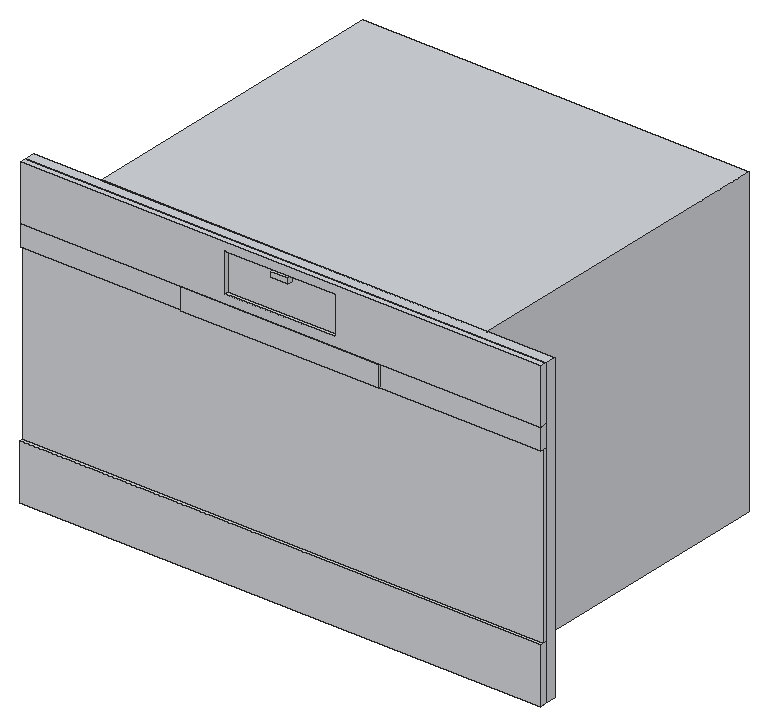
Revit family "CSO30CM_B", category Generic Models, Revit 2018
Family settings
  Can host rebar = No
  Round Connector Dimension = Use Diameter
  Part Type = Normal
  Work Plane-Based = No
  Always vertical = Yes
  Cut with Voids When Loaded = No
  Shared = No
  Room Calculation Point = No
Reference planes (cm)
  plane 1 "Center (Front/Back)": y = 0
  plane 2: z = 0
  plane 3 "Center (Left/Right)": x = 0
Forms (cm)
  Extrusion 1, solid
    sketch origin (1, 0, 0) x (1, 0, 0) y (0, 1, 0)
      loop
        line (-2, 47.3) -> (-2, 0) -> (53.9, 0) -> (53.9, 47.3) -> (-2, 47.3)
    from 0 to 44.1438
  Extrusion 2, solid
    sketch origin (-2.75, 0, 0) x (1, 0, 0) y (0, 1, 0)
      loop
        line (-8, 0) -> (-8, -1.5) -> (67.4, -1.5) -> (67.4, 0) -> (-8, 0)
    from 0 to 44.1438
  Extrusion 3, solid
    sketch origin (-2.75, -1.5, 0) x (1, 0, 0) y (0, 1, 0)
      loop
        line (-8, 0) -> (-8, -1) -> (67.4, -1) -> (67.4, 0) -> (-8, 0)
    from 36.1773 to 44.1438
  Extrusion 4, solid
    sketch origin (-2.75, -1.5, -7.9665) x (1, 0, 0) y (0, 1, 0)
      loop
        line (-8, 0) -> (-8, -1) -> (67.4, -1) -> (67.4, 0) -> (-8, 0)
    from 41.1438 to 44.1438
  Extrusion 5, solid
    sketch origin (-2.75, -1.5, -10.9665) x (1, 0, 0) y (0, 1, 0)
      loop
        line (-8, 0) -> (-8, -0.5) -> (67.4, -0.5) -> (67.4, 0) -> (-8, 0)
    from 10.9665 to 44.1438
  Extrusion 6, solid
    sketch origin (-2.75, -1.5, -41.1438) x (1, 0, 0) y (0, 1, 0)
      loop
        line (-8, 0) -> (-8, -1) -> (67.4, -1) -> (67.4, 0) -> (-8, 0)
    from 41.1438 to 49.1438
  Extrusion 7, solid
    sketch origin (3.0706, -1.5, -7.9665) x (1, 0, 0) y (0, 1, 0)
      loop
        line (9.5089, 0) -> (9.5089, -1.1443) -> (38.25, -1.1443) -> (38.25, 0) -> (9.5089, 0)
    from 41.1438 to 44.1438
  Extrusion 8, void
    sketch origin (0, 0, 0) x (1, 0, 0) y (0, 0, 1)
      loop
        line (18.95, 43.1438) -> (18.95, 37.5438) -> (34.95, 37.5438) -> (34.95, 43.1438) -> (18.95, 43.1438)
    from 2 to 7.4855
  Extrusion 9, solid
    sketch origin (0, 0, 0) x (1, 0, 0) y (0, 0, 1)
      loop
        line (25.6666, 42.8217) -> (25.6666, 42.0914) -> (28.1666, 42.0914) -> (28.1666, 42.8217) -> (25.6666, 42.8217)
    from 1.6943 to 2.6443
Cuts and joins
  Extrusion 8 cuts Extrusion 1
  Extrusion 8 cuts Extrusion 2
  Extrusion 8 cuts Extrusion 3
Dimensions and locks (cm)
  aligned and locked: level to plane 2
